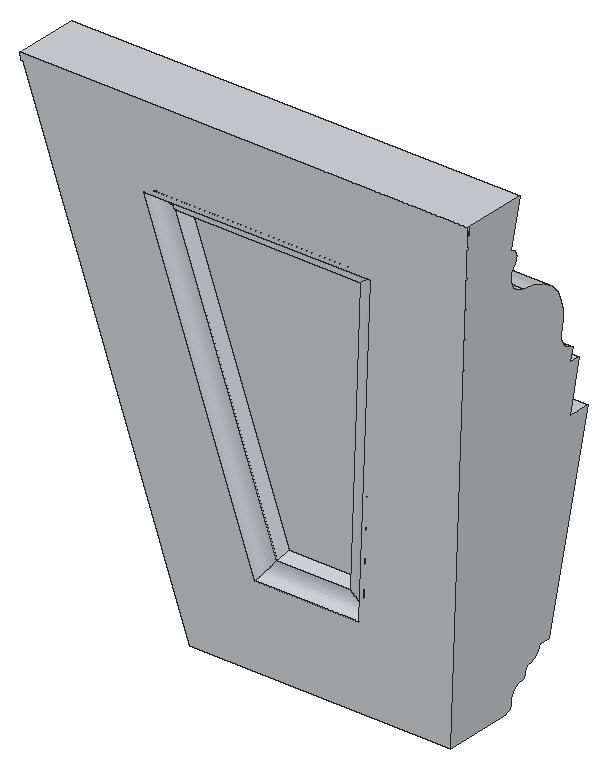
Revit family "OracDecor_D402", category Обобщенные модели, Revit 2019
Family settings
  Может служить основой для арматурных стержней = Нет
  Размер круглого соединителя = Использовать диаметр
  Тип детали = Нормальный
  На основе рабочей плоскости = Нет
  Всегда вертикально = Да
  При загрузке вырезать с полостями = Нет
  Общий = Нет
  Точка расчета площади = Нет
Parameters
  Изготовитель = "Family from POCHERTEAM"  # constant formula
  URL = "t.me/pocherteam"
Reference planes
  plane 1 "По центру (Вперед/Назад)": y = 0
  plane 2: z = 0
  plane 3 "По центру (Влево/Вправо)": x = 0
Forms (mm)
  Extrusion 1, solid
    sketch origin (0, 0, 0) x (0, 1, 0) y (0, 0, 1)
      loop
        line (-55.355, 145) -> (-29.787, 0) -> (-11.583, 0)
        arc (-11.583, 0) -> (-10.392, 0.72) -> (-10.208, 2.1) r 1.609
        arc (-10.208, 2.1) -> (-10.433, 3.228) -> (-10.388, 4.377) r 4.888
        arc (-10.388, 4.377) -> (-9.214, 6.361) -> (-7, 7) r 3.125
        line (-7, 7) -> (-7, 10)
        arc (-7, 10) -> (-4.213, 11.33) -> (-2.969, 14.157) r 4.438
        line (-2.969, 14.157) -> (0, 14.157) -> (0, 73.948) -> (-6, 73.948) -> (-6, 88.948) -> (-9.001, 88.948) -> (-9.001, 92.948)
        arc (-9.001, 92.948) -> (-12.865, 95.482) -> (-14.336, 99.863) r 7.066
        arc (-14.336, 99.863) -> (-14.771, 103.981) -> (-16.13, 107.891) r 18.108
        arc (-16.13, 107.891) -> (-22.184, 114.952) -> (-30.945, 118.076) r 18.108
        arc (-30.945, 118.076) -> (-35.638, 121.064) -> (-35.837, 126.623) r 5.977
        arc (-35.837, 126.623) -> (-35.851, 129.339) -> (-38, 131) r 3.098
        line (-38, 131) -> (-38, 145) -> (-55.355, 145)
    from 0 to 120
  Extrusion 2, void
    sketch origin (0, 0, 0) x (1, 0, 0) y (0, 0, 1)
      loop
        line (0, 0) -> (25, 0) -> (0, 145) -> (0, 0)
      loop
        line (120, 0) -> (120, 145) -> (95, 0) -> (120, 0)
    from 0 to 55
  Sweep 3, void
    path origin (0, -29.787, 0) x (0, -0.173651, 0.984807) y (-1, 0, 0)
      loop
        line (121.851, -29.668) -> (25.386, -46.047) -> (25.386, -73.953) -> (121.851, -90.332) -> (121.851, -29.668)
    profile origin (60, -50.947, 120) x (0, -0.173651, 0.984807) y (0, -0.984807, -0.173651)
      loop
        spline (-4.736, -3) -> (-4.007, -3.041) -> (-3.339, -3.029) -> (-2.731, -2.964) -> (-2.184, -2.846) -> (-1.698, -2.676) -> (-1.273, -2.452) -> (-0.909, -2.176) -> (-0.606, -1.846) -> (-0.363, -1.464) -> (-0.181, -1.029) -> (-0.06, -0.541) -> (0, 0)
        line (0, 0) -> (-10, 0) -> (-11.058, -6) -> (-6.135, -6) -> (-4.736, -3)
  Extrusion 4, void
    sketch origin (0, -29.787, 0) x (0, 0.173651, -0.984807) y (-1, 0, 0)
      loop
        line (-111.851, -78.491) -> (-35.386, -65.507) -> (-35.386, -54.493) -> (-111.851, -41.509) -> (-111.851, -78.491)
    from 0 to 6
Cuts and joins
  Extrusion 2, Sweep 3, Extrusion 4 cuts Extrusion 1
Dimensions and locks
  cut or joined group of Extrusion 1, Extrusion 2, Sweep 3, Extrusion 4 to plane 1 "По центру (Вперед/Назад)" = 55.355 mm
  cut or joined group of Extrusion 1, Extrusion 2, Sweep 3, Extrusion 4 to level = 145 mm
  cut or joined group of Extrusion 1, Extrusion 2, Sweep 3, Extrusion 4 to plane 3 "По центру (Влево/Вправо)" = 120 mm
  aligned and locked: level to plane 2
